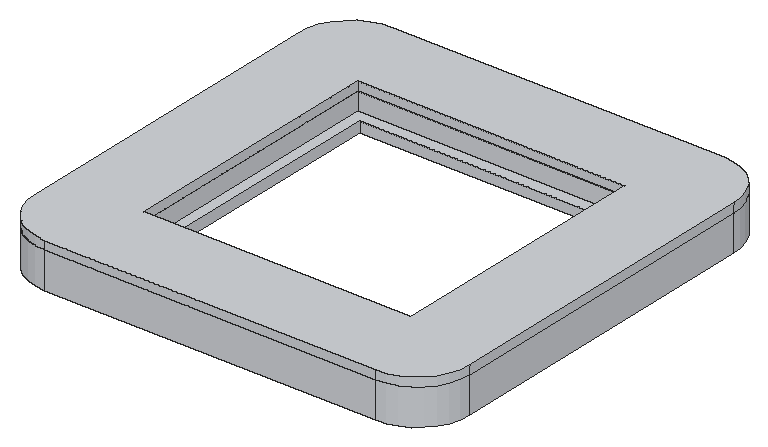
Revit family "Gira_0211413", category Electrical Fixtures, host Face, Revit 2017
Family settings
  Host = Face
  Maintain Annotation Orientation = No
  Round Connector Dimension = Use Diameter
  Part Type = Normal
  Cut with Voids When Loaded = No
  Shared = No
  Room Calculation Point = No
Parameters (values of type "Abdeckrahmen 1f Gira E3 Dklgrau/Reinweiß")
  Werkstoffgüte = "sonstige"
  Werkstoff = "sonstige"
  URL = "http://katalog.gira.de/de_DE/datenblatt.html?artikelnr=0211413"
  Transparent = "No"
  Textfeld/Beschriftungsfläche = "No"
  Schutzart (IP) = "IP20"
  Region = "DE"
  Oberfläche = "sonstige"
  Name = "Abdeckrahmen 1f Gira E3 Dklgrau/Reinweiß"
  Montagerichtung = "horizontal und vertikal"
  Mit Montagerahmen = "No"
  Mit Klappdeckel = "No"
  Manufacturer URL = "https://www.gira.de/"
  Keynote = "E3_Rahmen_1fach"
  HeinzeBIM = "https://bimportal.heinze.de/bim/abdeckrahmen-1f-gira-e3-dklgrau-reinweiss/19f9a154e27692f283215f03acee91920990353f"
  Halogenfrei = "Yes"
  HAN = "0211413"
  Geeignet für Unterputz-Installation = "Yes"
  Geeignet für Unterflurkanaldose = "No"
  Geeignet für Geräteeinbaukanal = "No"
  Geeignet für Einbauinstallation = "No"
  GTIN = "4010337024026"
  Farbe = "sonstige"
  Default Elevation = 1219.2 mm
  Data sheet (1) = "https://katalog.gira.de/de_DE/download.html?artikelnr=0211413"
  Category = "Abdeckrahmen"
  Befestigungsart = "Klemmbefestigung"
  Available = "Yes"
  Anzahl der Einheiten vertikal = "1 "
  Anzahl der Einheiten horizontal = "1 "
  Anzahl der Einheiten = "1 "
Reference planes
  plane 1 "Center (Front/Back)": y = 0
  plane 2: z = 0
  plane 3 "Center (Left/Right)": x = 0
Forms (mm)
  Extrusion 1, solid, detail levels fine
    sketch origin (0, 0, 0) x (1, 0, 0) y (0, 1, 0)
      loop
        arc (-34.8, 45.809) -> (-42.585, 42.585) -> (-45.809, 34.8) r 11.009
        line (-45.809, 34.8) -> (-45.809, -34.8)
        arc (-45.809, -34.8) -> (-42.585, -42.585) -> (-34.8, -45.809) r 11.009
        line (-34.8, -45.809) -> (34.8, -45.809)
        arc (34.8, -45.809) -> (42.585, -42.585) -> (45.809, -34.8) r 11.009
        line (45.809, -34.8) -> (45.809, 34.8)
        arc (45.809, 34.8) -> (42.585, 42.585) -> (34.8, 45.809) r 11.009
        line (34.8, 45.809) -> (-34.8, 45.809)
      loop
        line (28.187, 28.156) -> (-28.187, 28.156) -> (-28.187, -28.156) -> (28.187, -28.156) -> (28.187, 28.156)
    from 7.65 to 9.5
  Extrusion 2, solid, detail levels fine
    sketch origin (0, 0, 0) x (1, 0, 0) y (0, 1, 0)
      loop
        line (25.7, 25.7) -> (-25.7, 25.7) -> (-25.7, -25.7) -> (25.7, -25.7) -> (25.7, 25.7)
      loop
        line (-28.187, -28.156) -> (28.187, -28.156) -> (28.187, 28.156) -> (-28.187, 28.156) -> (-28.187, -28.156)
    from 1.65 to 3.9
  Extrusion 3, solid, detail levels fine
    sketch origin (0, 0, 0) x (1, 0, 0) y (0, 1, 0)
      loop
        arc (-34.8, 45.809) -> (-42.585, 42.585) -> (-45.809, 34.8) r 11.009
        line (-45.809, 34.8) -> (-45.809, -34.8)
        arc (-45.809, -34.8) -> (-42.585, -42.585) -> (-34.8, -45.809) r 11.009
        line (-34.8, -45.809) -> (34.8, -45.809)
        arc (34.8, -45.809) -> (42.585, -42.585) -> (45.809, -34.8) r 11.009
        line (45.809, -34.8) -> (45.809, 34.8)
        arc (45.809, 34.8) -> (42.585, 42.585) -> (34.8, 45.809) r 11.009
        line (34.8, 45.809) -> (-34.8, 45.809)
      loop
        line (-43.843, 34.785) -> (-43.843, -34.785)
        arc (-43.843, -34.785) -> (-41.19, -41.19) -> (-34.785, -43.843) r 9.058
        line (-34.785, -43.843) -> (34.785, -43.843)
        arc (34.785, -43.843) -> (41.19, -41.19) -> (43.843, -34.785) r 9.058
        line (43.843, -34.785) -> (43.843, 34.785)
        arc (43.843, 34.785) -> (41.19, 41.19) -> (34.785, 43.843) r 9.058
        line (34.785, 43.843) -> (-34.785, 43.843)
        arc (-34.785, 43.843) -> (-41.19, 41.19) -> (-43.843, 34.785) r 9.058
    from 0 to 7.65
  Extrusion 4, solid, detail levels fine
    sketch origin (0, 0, 0) x (1, 0, 0) y (0, 1, 0)
      loop
        line (-27.337, -31.075) -> (27.337, -31.075)
        arc (27.337, -31.075) -> (29.98, -29.98) -> (31.075, -27.337) r 3.739
        line (31.075, -27.337) -> (31.075, 27.337)
        arc (31.075, 27.337) -> (29.98, 29.98) -> (27.337, 31.075) r 3.739
        line (27.337, 31.075) -> (-27.337, 31.075)
        arc (-27.337, 31.075) -> (-29.98, 29.98) -> (-31.075, 27.337) r 3.739
        line (-31.075, 27.337) -> (-31.075, -27.337)
        arc (-31.075, -27.337) -> (-29.98, -29.98) -> (-27.337, -31.075) r 3.739
      loop
        line (-29.925, 27.537) -> (-29.925, -27.537)
        arc (-29.925, -27.537) -> (-29.226, -29.226) -> (-27.537, -29.925) r 2.389
        line (-27.537, -29.925) -> (27.537, -29.925)
        arc (27.537, -29.925) -> (29.226, -29.226) -> (29.925, -27.537) r 2.389
        line (29.925, -27.537) -> (29.925, 27.537)
        arc (29.925, 27.537) -> (29.226, 29.226) -> (27.537, 29.925) r 2.389
        line (27.537, 29.925) -> (-27.537, 29.925)
        arc (-27.537, 29.925) -> (-29.226, 29.226) -> (-29.925, 27.537) r 2.389
    from 1.65 to 7.65
  Extrusion 5, solid, detail levels fine
    sketch origin (0, 0, 0) x (1, 0, 0) y (0, 1, 0)
      loop
        line (-32.053, -39.8) -> (32.053, -39.8)
        arc (32.053, -39.8) -> (37.667, -36.708) -> (39.9, -30.7) r 9.2
        line (39.9, -30.7) -> (39.9, 30.7)
        arc (39.9, 30.7) -> (37.205, 37.205) -> (30.7, 39.9) r 9.2
        line (30.7, 39.9) -> (-30.7, 39.9)
        arc (-30.7, 39.9) -> (-37.205, 37.205) -> (-39.9, 30.7) r 9.2
        line (-39.9, 30.7) -> (-39.9, -30.7)
        arc (-39.9, -30.7) -> (-37.667, -36.708) -> (-32.053, -39.8) r 9.2
      loop
        line (-30.7, -31.7) -> (30.7, -31.7)
        arc (30.7, -31.7) -> (31.407, -31.407) -> (31.7, -30.7) r 1
        line (31.7, -30.7) -> (31.7, 30.7)
        arc (31.7, 30.7) -> (31.407, 31.407) -> (30.7, 31.7) r 1
        line (30.7, 31.7) -> (-30.7, 31.7)
        arc (-30.7, 31.7) -> (-31.407, 31.407) -> (-31.7, 30.7) r 1
        line (-31.7, 30.7) -> (-31.7, -30.7)
        arc (-31.7, -30.7) -> (-31.407, -31.407) -> (-30.7, -31.7) r 1
    from 1.65 to 3.9
  Extrusion 6, solid, detail levels fine
    sketch origin (0, 0, 0) x (1, 0, 0) y (0, 1, 0)
      loop
        line (-28.187, 28.156) -> (-28.187, -28.156) -> (28.187, -28.156) -> (28.187, 28.156) -> (-28.187, 28.156)
      loop
        line (-29.925, 29.925) -> (-29.925, -29.925) -> (29.925, -29.925) -> (29.925, 29.925) -> (-29.925, 29.925)
    from 1.65 to 7.65
  Extrusion 7, solid, detail levels coarse+medium
    sketch origin (0, 0, 0) x (1, 0, 0) y (0, 1, 0)
      loop
        line (-45.809, 45.809) -> (-45.809, -45.809) -> (45.809, -45.809) -> (45.809, 45.809) -> (-45.809, 45.809)
    from 0 to 9.5
Lines and regions (mm)
  reference lines
    curve 1: line (0, 45.809, 0) -> (0, -45.809, 0)
Dimensions and locks
  aligned and locked: plane 2 to host face
  aligned and locked: level to host face
